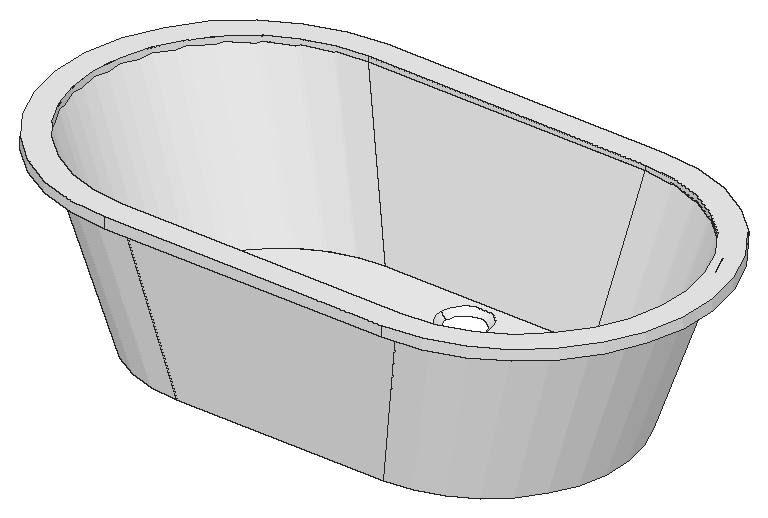
Revit family "NLRS_74_PF_UN_bad_S8VR1010000_SPHINX_BCB", category Plumbing Fixtures, Revit 2016
Family settings
  Part Type = Normal
  Round Connector Dimension = Use Radius
  OmniClass Number = 23.45.00.00
  OmniClass Title = Sanitary, Laundry, and Cleaning Equipment
  Work Plane-Based = No
  Always vertical = Yes
  Cut with Voids When Loaded = No
  Shared = No
  Room Calculation Point = No
Parameters (values of type "300 kids 91")
  NLRS_C_type = ""
  NLRS_C_serie = ""
  radius = 25 mm
  NLRS_C_revit_versie = "2016"
  NLRS_C_content_versie = "2.0"
  NLRS_C_content_provider = "BouwConnect"
  NLRS_C_content_datum_uitgifte = "APR-2018"
  NLRS_C_content_datum_gewijzigd = "APR-2018"
  NLRS_C_content_creator = "BouwConnect"
  NLRS_C_URL_product_data = ""
  NLRS_C_code_artikel = "S8VR1009000"
  Waste Connection = yes
  WFU = 0
  URL = "http://www.sphinx.nl/"
  NLRS_S_gewicht = 0.00 kg
  NLRS_C_materiaal = NLRS_n6_acryl_wit_Sphinx
  NLRS_C_lengte = 910 mm
  NLRS_C_hoogte = 257 mm
  NLRS_C_diameter_uit = 50 mm
  NLRS_C_breedte = 515 mm
  Model = "300 kids 91"  # constant formula
  Manufacturer = "Sphinx"  # constant formula
  Keynote = "kinderbad 91cm"
  IfcTypeProduct = "IfcSanitaryTerminalType"
  IfcExportType = "BATH"
  IfcExportAs = "IfcSanitaryTerminalTypeEnum"
  IfcElement = "IfcFlowTerminal"
  NLRS_C_code_EAN = "8711754390607"
  Description = "bad"
  NLRS_C_URL_BCB = "http://bcb-online.nl/?zoekterm=Sphinx+++%5bGeberit+B.V.%5d"
  Assembly Code = ""
Types (2, lengths in mm): name | NLRS_C_revit_versie | NLRS_C_content_versie | NLRS_C_content_provider | NLRS_C_content_datum_uitgifte | NLRS_C_content_datum_gewijzigd | NLRS_C_content_creator | NLRS_C_code_artikel | URL | NLRS_C_materiaal | NLRS_C_lengte | NLRS_C_hoogte | NLRS_C_diameter_uit | NLRS_C_breedte | IfcTypeProduct | IfcExportType | IfcExportAs | IfcElement | NLRS_C_code_EAN | Description | NLRS_C_URL_BCB | Assembly Code
  300 kids 91 | "2016" | "2.0" | "BouwConnect" | "APR-2018" | "APR-2018" | "BouwConnect" | "S8VR1009000" | "http://www.sphinx.nl/" | NLRS_n6_acryl_wit_Sphinx | 910 | 257 | 50 | 515 | "IfcSanitaryTerminalType" | "BATH" | "IfcSanitaryTerminalTypeEnum" | "IfcFlowTerminal" | "8711754390607" | "bad" | "http://bcb-online.nl/?zoekterm=Sphinx+++%5bGeberit+B.V.%5d" | ""
  SPHINX_-_Sphinx_300_Varicor_-_Kinderbadje_91_conn | "" | "" | "" | "" | "" | "" | "" | 0 | none | 0 | 0 | 0 | 0 | "" | "" | "" | "" | "" | "Sphinx - 300 kids 91" | "" | "4(74.11)"
Reference planes
  plane 1 "Center (Front/Back)": y = 0
  plane 2: z = 0
  plane 3 "Center (Left/Right)": x = 0
Forms (mm)
  Extrusion 1, solid, material "NLRS_n6_acryl_wit_Sphinx" <- "NLRS_C_materiaal", detail levels medium+fine
    sketch origin (455, -110, -257) x (1, 0, 0) y (0, 1, 0)
      loop
        line (0, 110) -> (0, 75) -> (200, 75)
        arc (200, 75) -> (420, -145) -> (200, -365) r 220
        line (200, -365) -> (0, -365) -> (0, -400) -> (200, -400)
        arc (200, -400) -> (455, -145) -> (200, 110) r 255
        line (200, 110) -> (0, 110)
    from 242 to 257
  Extrusion 2, solid, material "NLRS_n6_acryl_wit_Sphinx" <- "NLRS_C_materiaal", detail levels medium+fine
    sketch origin (455, -110, -257) x (-1, 0, 0) y (0, -1, 0)
      loop
        line (0, -110) -> (200, -110)
        arc (200, -110) -> (455, 145) -> (200, 400) r 255
        line (200, 400) -> (0, 400) -> (0, 365) -> (200, 365)
        arc (200, 365) -> (420, 145) -> (200, -75) r 220
        line (200, -75) -> (0, -75) -> (0, -110)
    from 242 to 257
  Blend 3, void, detail levels medium+fine
    base sketch origin (455, -110, -257) x (1, 0, 0) y (0, 1, 0)
      loop
        arc (-150, 43) -> (-338, -145) -> (-150, -333) r 188
        line (-150, -333) -> (150, -333)
        arc (150, -333) -> (338, -145) -> (150, 43) r 188
        line (150, 43) -> (-150, 43)
    top sketch origin (455, -110, -257) x (1, 0, 0) y (0, 1, 0)
      loop
        line (-200, -365) -> (200, -365)
        arc (200, -365) -> (420, -145) -> (200, 75) r 220
        line (200, 75) -> (-200, 75)
        arc (-200, 75) -> (-420, -145) -> (-200, -365) r 220
    from 16.719 to 250
  Blend 4, solid, detail levels medium+fine
    base sketch origin (455, -110, -257) x (1, 0, 0) y (0, 1, 0)
      loop
        line (-150, -333) -> (150, -333)
        arc (150, -333) -> (338, -145) -> (150, 43) r 188
        line (150, 43) -> (-150, 43)
        arc (-150, 43) -> (-338, -145) -> (-150, -333) r 188
    top sketch origin (455, -110, -257) x (1, 0, 0) y (0, 1, 0)
      loop
        line (-200, -373) -> (200, -373)
        arc (200, -373) -> (428, -145) -> (200, 83) r 228
        line (200, 83) -> (-200, 83)
        arc (-200, 83) -> (-428, -145) -> (-200, -373) r 228
    from 8.719 to 250
  Extrusion 5, solid, detail levels medium+fine
    sketch origin (455, -110, -257) x (1, 0, 0) y (0, 0, 1)
      loop
        line (-287.514, 2) -> (-49.986, 0) -> (49.986, 0) -> (287.446, 2.078)
        arc (287.446, 2.078) -> (289.455, 2.874) -> (290.408, 4.812) r 3
        line (290.408, 4.812) -> (290.752, 8.719) -> (-290.779, 8.719) -> (-290.434, 4.816)
        arc (-290.434, 4.816) -> (-289.488, 2.875) -> (-287.514, 2) r 3.148
    from 55 to 65
  Extrusion 6, solid, detail levels medium+fine
    sketch origin (455, -400, -257) x (1, 0, 0) y (0, 0, -1)
      loop
        arc (-287.514, -2) -> (-289.488, -2.875) -> (-290.434, -4.816) r 3.148
        line (-290.434, -4.816) -> (-290.779, -8.719) -> (290.752, -8.719) -> (290.408, -4.812)
        arc (290.408, -4.812) -> (289.455, -2.874) -> (287.446, -2.078) r 3
        line (287.446, -2.078) -> (49.986, 0) -> (-49.986, 0) -> (-287.514, -2)
    from 55 to 65
  Extrusion 7, solid, material "NLRS_n6_acryl_wit_Sphinx" <- "NLRS_C_materiaal", detail levels coarse
    sketch origin (455, -110, -257) x (1, 0, 0) y (0, 1, 0)
      loop
        arc (-200, 110) -> (-455, -145) -> (-200, -400) r 255
        line (-200, -400) -> (200, -400)
        arc (200, -400) -> (455, -145) -> (200, 110) r 255
        line (200, 110) -> (-200, 110)
    from 0 to 257
  Extrusion 8, void
    sketch origin (455, -110, -257) x (1, 0, 0) y (0, 1, 0)
      loop
        arc (-200, 83) -> (-428, -145) -> (-200, -373) r 228
        line (-200, -373) -> (200, -373)
        arc (200, -373) -> (428, -145) -> (200, 83) r 228
        line (200, 83) -> (-200, 83)
    from 16.719 to 304.766
  Revolve 9, void, detail levels medium+fine
    sketch origin (194.613, -110, -2107.2) x (1, 0, 0) y (0, 0, 1)
      loop
        line (260.387, 1869.22) -> (223.207, 1869.22) -> (242.227, 1850.2) -> (260.387, 1850.2) -> (260.387, 1869.22)
      axis (260.387, 1869.22) -> (260.387, 1850.2)
    angle from 0 to 360
  Extrusion 10, solid, not visible, detail levels medium+fine
    sketch origin (0, 0, -257) x (1, 0, 0) y (0, 1, 0)
      loop
        circle (455, -110) r 25
    from 8.719 to 13.7
Cuts and joins
  Blend 3, Revolve 9 cuts Blend 4
  Extrusion 8 cuts Extrusion 7
  joined: Extrusion 1, Extrusion 2
Dimensions and locks
  aligned and locked: level to plane 2
Connectors
  piping at (455, -110, -248.281), diameter 50, driven by "WFU", driven by "radius"
    settings: on Extrusion 10, index 1, connector inside diameter 50 mm, connector length 0 mm, flow factor 0, pipe flow 0.0 L/s, pressure drop 0.0 Pa, fitting loss kfactor 0, connector angle 0.00°, fixture units 0, engagement length 0 mm, angle of deflection 0.00°, flow configuration 3, flow direction 2, fitting loss method 0, system type 16, joint type 0, gender type 0, connector reference index -1, connector utility 0, adjustable connector no, is connector primary yes, connector description "out"
